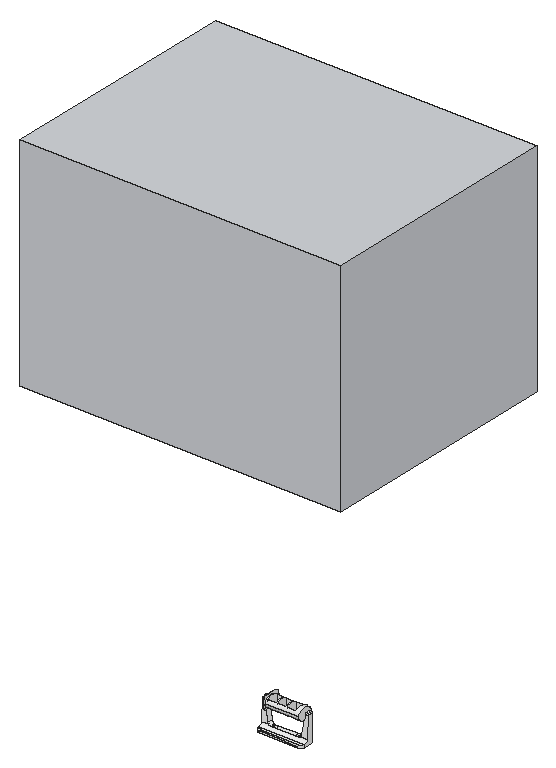
Revit family
Parameters
  Trim Material = Metal - Aluminum
  Warranty Duration (Years) = 0
  URL = "http://www.americanspecialties.com/viewCategories.cfm"
  Body Material = Metal - Aluminum
  Test Data = ""
  Specification = "http://www.arcat.com/sdspecs/htm/10810asi.htm"
  SpecWizard = ""
  Send Message = "http://www.arcat.com/users.pl?action=UserEmail&company=American%20Specialties,%20Inc.&coid=30448&rep=139&fax=914-476-0688&mf="
  Sales Information = "http://www.americanspecialties.com/contact"
  Revision = "R1_10-2010"
  Product Properties = "http://www.americanspecialties.com/datasheets/0263-1A.pdf"
  Product Data = "http://www.arcat.com/arcatcos/cos30/arc30448.html"
  Model = "As Specified in 10 28 13"
  Manufacturer Website = "http://www.americanspecialties.com/viewCategories.cfm"
  Manufacturer Phone - Toll Free = ""
  Manufacturer Phone = "914-476-9000 "
  Manufacturer Fax = "914-476-0688"
  Manufacturer Address = "441 Saw Mill River Rd., Yonkers, NY 10701"
  Manufacturer = "American Specialties, Inc."
  Maintenance Schedule (Months) = 0
  Keynote = "10 28 13"
  Installation-Fabrication = "http://www.americanspecialties.com/products.cfm"
  Green Building-LEED = ""
  Expected Lifespan (Years) = 0
  Drawn By = "Robert S. Weygant. CSI, CDT, SCIP"  # constant formula
  Description = "Toilet Accessory as Specified in 10 28 13"
  Default Elevation = 4' - 0"
  Copyright = "©Arcat Inc."
  Construction Details = "http://www.arcat.com/green/clients/leed_data_30448.html"
  Building Codes = "http://www.americanspecialties.com/products.cfm"
  Assembly Code = "C1030210"
Reference planes (in)
  plane 1 "Floor Line": z = 0
  plane 2 "Center (Left/Right)": x = -0.65843
  plane 3: x = -7.15843
  plane 4: x = 5.84157
  plane 5: y = 0.08388
  plane 6: x = -3.90843
  plane 7: x = 2.59157
Forms (in)
  Extrusion 1, solid
    sketch origin (-3.65843, -10.3328, -6) x (0, 0, -1) y (1, 0, 0)
      loop
        line (-82, 26) -> (-82, -19.34712) -> (-50.8938, -19.34712) -> (-50.8938, 26) -> (-82, 26)
    from 9 to -25.60721
  Extrusion 2, solid, material "Metal - Aluminum" <- "Body Material"
    sketch origin (-0.65843, -1.25, 0) x (0, 1, 0) y (0, 0, 1)
      loop
        line (1.45888, 0) -> (1.45888, 3.96999)
        arc (1.45888, 3.96999) -> (1.45004, 3.98612) -> (1.43169, 3.98732) r 0.01912
        line (1.43169, 3.98732) -> (1.05702, 3.81261)
        arc (1.05702, 3.81261) -> (1.03196, 3.79139) -> (1.02113, 3.76038) r 0.06243
        line (1.02113, 3.76038) -> (0.81134, 0.76024)
        arc (0.81134, 0.76024) -> (0.64864, 0.44093) -> (0.31408, 0.3125) r 0.5
        line (0.31408, 0.3125) -> (-0.16726, 0.3125)
        arc (-0.16726, 0.3125) -> (-0.25484, 0.27622) -> (-0.29112, 0.18864) r 0.12386
        line (-0.29112, 0.18864) -> (-0.29112, 0) -> (1.45888, 0)
    from -3.25 to 3.25
  Extrusion 3, void
    sketch origin (3.25071, -1.54112, 0) x (1, 0, 0) y (0, 0, 1)
      loop
        line (-6.76214, 4) -> (-6.33952, 0.99291)
        arc (-6.33952, 0.99291) -> (-6.17241, 0.68515) -> (-5.84438, 0.5625) r 0.5
        line (-5.84438, 0.5625) -> (-1.9739, 0.5625)
        arc (-1.9739, 0.5625) -> (-1.64587, 0.68515) -> (-1.47877, 0.99291) r 0.5
        line (-1.47877, 0.99291) -> (-1.05615, 4) -> (-6.76214, 4)
    from -1.75 to -1.06286
  Extrusion 4, void
    sketch origin (3, -1.5, 0) x (1, 0, 0) y (0, 1, 0)
      loop
        line (-6.90843, 0.45888) -> (-7.28343, 0.45888) -> (-7.28343, -0.41612) -> (-6.40843, -0.41612) -> (-6.40843, -0.04112)
        arc (-6.40843, -0.04112) -> (-6.76199, 0.10533) -> (-6.90843, 0.45888) r 0.5
      loop
        arc (-0.40843, 0.45888) -> (-0.55488, 0.10533) -> (-0.90843, -0.04112) r 0.5
        line (-0.90843, -0.04112) -> (-0.90843, -0.41612) -> (-0.03343, -0.41612) -> (-0.03343, 0.45888) -> (-0.40843, 0.45888)
    from 0 to 0.3125
  Extrusion 5, solid, material "Metal - Aluminum" <- "Body Material"
    sketch origin (2.51422, -1.13894, -0.29476) x (0, 1, 0) y (0, 0, 1)
      loop
        spline (1.95944, 4) -> (1.92384, 4.19411) -> (1.81948, 4.375) -> (1.65348, 4.53033) -> (1.43713, 4.64952) -> (1.18519, 4.72444) -> (0.91482, 4.75) -> (0.64446, 4.72444) -> (0.39252, 4.64952) -> (0.17617, 4.53033) -> (0.01016, 4.375) -> (-0.0942, 4.19411) -> (-0.12979, 4)
        spline (-0.12979, 4) -> (-0.0942, 3.80589) -> (0.01016, 3.625) -> (0.17617, 3.46967) -> (0.39252, 3.35048) -> (0.64446, 3.27556) -> (0.91482, 3.25) -> (1.18519, 3.27556) -> (1.43713, 3.35048) -> (1.65348, 3.46967) -> (1.81948, 3.625) -> (1.92384, 3.80589) -> (1.95944, 4)
    from -5.42438 to -0.54938
  Revolve 6, solid, material "Metal - Aluminum" <- "Body Material"
    sketch origin (3.37328, 3.59931, 3.70524) x (0, -1, 0) y (1, 0, 0)
      loop
        line (3.51543, -6.92184) -> (3.66895, -6.92184) -> (3.66895, -6.65843) -> (3.71482, -6.65843) -> (3.71482, -6.40843) -> (3.51543, -6.40843) -> (3.51543, -6.92184)
      axis (3.51543, -6.92184) -> (3.51543, -6.40843)
    angle from 0 to 360
  Extrusion 7, solid, material "Metal - Aluminum" <- "Body Material"
    sketch origin (8.51422, -1.13894, -0.29476) x (0, 1, 0) y (0, 0, 1)
      loop
        line (0.31251, 3.12587) -> (1.79625, 3.12587)
        arc (1.79625, 3.12587) -> (2.04286, 3.19092) -> (2.22531, 3.36914) r 0.5
        arc (2.22531, 3.36914) -> (2.39988, 4.00087) -> (2.22531, 4.6326) r 1.23034
        arc (2.22531, 4.6326) -> (2.04286, 4.81082) -> (1.79625, 4.87587) r 0.5
        line (1.79625, 4.87587) -> (0.31251, 4.87587)
        arc (0.31251, 4.87587) -> (0.0659, 4.81082) -> (-0.11655, 4.6326) r 0.5
        arc (-0.11655, 4.6326) -> (-0.29112, 4.00087) -> (-0.11655, 3.36914) r 1.23034
        arc (-0.11655, 3.36914) -> (0.0659, 3.19092) -> (0.31251, 3.12587) r 0.5
    from -11.54938 to -11.42438
  Extrusion 8, void
    sketch origin (3.37328, 0, 0) x (1, 0, 0) y (0, 1, 0)
      loop
        line (-5.99175, 0.49833) -> (-5.99175, -1.00167) -> (-4.74175, -1.00167) -> (-4.74175, 0.49833) -> (-5.99175, 0.49833)
      loop
        line (-1.99175, -1.00167) -> (-1.99175, 0.49833) -> (-3.24175, 0.49833) -> (-3.24175, -1.00167) -> (-1.99175, -1.00167)
      loop
        line (-4.61675, -1.00167) -> (-3.36675, -1.00167) -> (-3.36675, 0.49833) -> (-4.61675, 0.49833) -> (-4.61675, -1.00167)
    from 2.8311 to 4.5811
  Extrusion 9, solid, material "Metal - Aluminum" <- "Body Material"
    sketch origin (-3.95179, 5.38295, 2.37135) x (0, 0, 1) y (0, -1, 0)
      loop
        circle (1.3339, 5.29907) r 0.09463
    from 5.91663 to 6.35204
  Extrusion 10, void
    sketch origin (0, 0, 0) x (1, 0, 0) y (0, 1, 0)
      loop
        line (-2.70388, -0.16612) -> (-2.07888, -0.16612)
        arc (-2.07888, -0.16612) -> (-2.01638, -0.10362) -> (-2.07888, -0.04112) r 0.0625
        line (-2.07888, -0.04112) -> (-2.70388, -0.04112)
        arc (-2.70388, -0.04112) -> (-2.76638, -0.10362) -> (-2.70388, -0.16612) r 0.0625
      loop
        arc (1.38701, -0.16612) -> (1.44951, -0.10362) -> (1.38701, -0.04112) r 0.0625
        line (1.38701, -0.04112) -> (0.76201, -0.04112)
        arc (0.76201, -0.04112) -> (0.69951, -0.10362) -> (0.76201, -0.16612) r 0.0625
        line (0.76201, -0.16612) -> (1.38701, -0.16612)
    from 0 to 1.80939
Cuts and joins
  Extrusion 3, Extrusion 4, Extrusion 8, Extrusion 10 cuts Extrusion 2
  Extrusion 8 cuts Extrusion 5
Dimensions and locks (in)
  aligned and locked: Extrusion 3 to Extrusion 2
  aligned and locked: Extrusion 4 to Extrusion 2
  aligned and locked: Extrusion 4 to level
  aligned and locked: Revolve 6 sketch curve to Revolve 6 sketch curve
  aligned and locked: Extrusion 7 to Revolve 6
  aligned and locked: Extrusion 2 to plane 6
  aligned and locked: Extrusion 2 to plane 7
  aligned and locked: Extrusion 5 to Extrusion 7
  aligned and locked: Extrusion 9 to cut or joined group of Extrusion 5, Extrusion 8
